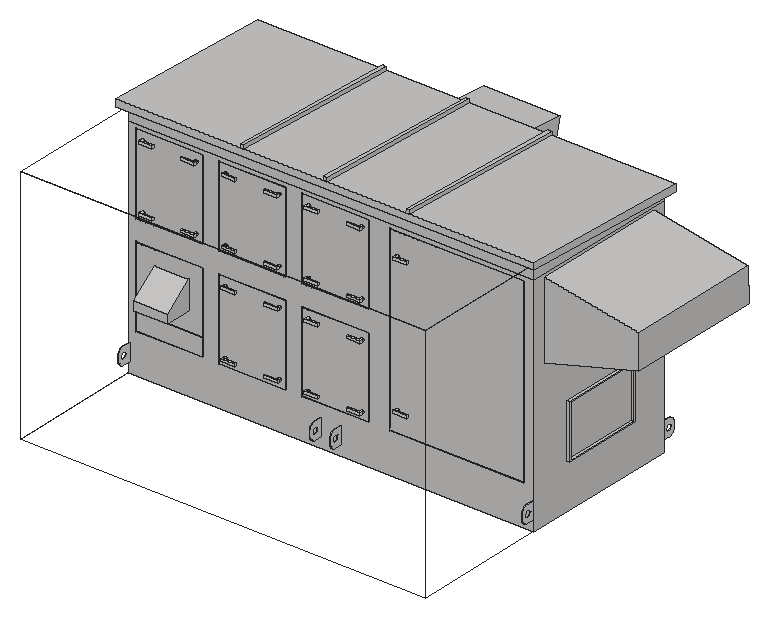
Revit family "DN-2RT-1FP-ECH", category Mechanical Equipment, Revit 2016
Family settings
  Part Type = Normal
  Round Connector Dimension = Use Diameter
  OmniClass Number = 23.75.00.00
  OmniClass Title = Climate Control (HVAC)
  Work Plane-Based = No
  Always vertical = Yes
  Cut with Voids When Loaded = No
  Shared = No
  Room Calculation Point = No
Parameters (values of type "2 @ 1.35 kW ea.")
  Voltage [instance] = "200-277 V"
  Unit Weight Range (lbs) [instance] = "2325-2700 lbs."
  Max. Shipping Weight (lbs) [instance] = "2525-2900 lbs."
  Unit Dimensions (L x W x H) [instance] = "151-5/8\" x 76-3/4\" x 73-1/8\""
  Shipping Dimensions (Lx W x H) [instance] = "140\" x 90\" x 79\""
  Unit [instance] = Renewaire - Galvanized Steel
  URL = "www.renewaire.com"
  Typical Airflow Range = "375-1,650 CFM"
  Standard Features [instance] = "EC Motors for both airstreams, Direct drive backward inclined plenum, Higher ESP of up to 2\" w.g. at 1,500 CFM, Integrated programmable controls, True 100% face and bypass enthalpy based modulating economizer, Class 1 low leakage motorized isolation dampers, Stainless steel double-sloped drain pan with cooling option, 1\" Double wall foam injected 20 gauge galvanized panel construction with R6.5 insulation"
  Service Area Visibility [instance] = yes
  Service Area Box [instance] = Renewaire - Interference
  Revit Object Download Link [instance] = ""
  Phase [instance] = "Single"
  Options [instance] = "DX, heat pump, or chilled water cooling coil, Modulating hot gas reheat, Steam or hot water coil, gas heat module or electric heater, Onboard variable frequency drives (VFDs) - both airstreams, Fused disconnect, Spring isolators (VFDs only), 2\" Double wall foam injected 20 gauge galvanized panel construction with R13 insulation, Exterior paint - grey, white, custom color, Salt spray - 2500 hours, BACNET factory activation, GFCI convenience outlet, Recirculation damper, Drain overflow switch, Mist Eliminator, Electrofin coating for coils"
  Number Motors [instance] = "Qty. 2, Direct drive motorized impeller packages"
  Model = "DN-2RT-1FP-ECH"
  Minimum Circuit Amps [instance] = "15.1 A"
  Maximum Overcurrent Protection [instance] = "20 A"
  Manufacturer = "Renewaire LLC"
  Inlets/Outlets [instance] = "OA & RA Inlets: 24\" x 16\", SA Outlet: 24\" x 16\", EA Outlet: 20\" x 16\""
  Frequency [instance] = "50/60 Hz"
  Filters [instance] = "Total qty. 4, MERV 8: 16\" x 20\" x 2\""
  FLA per Motor [instance] = "6.7-4.8"
  Energy Recovery Type [instance] = "Static plate total energy transfer"
  Description = "Energy Recovery Ventilator"
  Accessories [instance] = "Filters - MERV 13, 2\"  and 4\" (shipped loose), MERV 14, 2\" and 4\" (shipped loose), Additional filters available upon request, Duct mounted electric pre-heater (separately powered), Carbon dioxide sensor/control - wall mount (CO2-W), duct mount (CO2-D), IAQ sensor - wall mount (IAQ-W), duct mount (IAQ-D), Motion occupancy sensor/control - ceiling mount (MC-C), wall mount (MC-W), Smoke detector, Room temperature and humidity sensor, Duct static pressure sensor with display to 10\", without display 0-2\", Room pressure sensor with display to 1\", without display 0-1\", Waterless trap negative pressure, waterless trap positive pressure, Remote display"
  AHRI 1060 Certified Core [instance] = "One L-62-G5 and one L-125-G5"
Types (7): name | Voltage | Phase | Minimum Circuit Amps | Maximum Overcurrent Protection | FLA per Motor
  (no name) | "200-277 V" | "Single" | "15.1 A" | "20 A" | "6.7-4.8"
  2 @ 1.35 kW ea. | "200-277 V" | "Single" | "15.1 A" | "20 A" | "6.7-4.8"
  2 @ 2.70 kW ea. | "200-240 V" | "Three" | "19.4 A" | "25 A" | "8.6-7.2"
  2 @ 3.70 kW ea. | "380-480 V" | "Three" | "13.5 A" | "15 A" | "6.0-4.6"
  2 @ 3HP ea. 208-230V | "208-230 V" | "Three" | "20.3 A" | "25 A" | "9-8.4/4.2"
  2 @ 3HP ea. 460V | "460V" | "Three" | "9.5 A" | "15 A" | "4.2"
  2 @ 3HP ea. 575V | "575V" | "Three" | "7.4 A" | "15 A" | "3.3"
Reference planes (in)
  plane 1 "Center (Front/Back)": y = 0
  plane 2: z = 0
  plane 3 "Center (Left/Right)": x = 0
  plane 4: y = -24
  plane 5: x = -60
Forms (in)
  Extrusion 1, solid, material "Renewaire - Galvanized Steel" <- "Unit"
    sketch origin (0, 0, 0) x (1, 0, 0) y (0, 1, 0)
      loop
        line (-60, 23.99995) -> (-60, -24) -> (60, -24) -> (60, 23.99995) -> (-60, 23.99995)
    from 0 to 66.875
  Extrusion 2, void
    sketch origin (0, 0, 2) x (1, 0, 0) y (0, 0, 1)
      loop
        line (-57.74982, 63.824) -> (-57.74982, 39.82399) -> (-37.74983, 39.82399) -> (-37.74983, 63.824) -> (-57.74982, 63.824)
      loop
        line (-33.22023, 63.824) -> (-33.22023, 39.82399) -> (-13.22023, 39.82399) -> (-13.22023, 63.824) -> (-33.22023, 63.824)
      loop
        line (-8.69064, 63.824) -> (-8.69064, 39.82399) -> (11.30935, 39.82399) -> (11.30935, 63.824) -> (-8.69064, 63.824)
      loop
        line (-57.74982, 33.824) -> (-57.74982, 9.824) -> (-37.74983, 9.824) -> (-37.74983, 33.824) -> (-57.74982, 33.824)
      loop
        line (-33.22023, 33.824) -> (-33.22023, 9.824) -> (-13.22023, 9.824) -> (-13.22023, 33.824) -> (-33.22023, 33.824)
      loop
        line (-8.69064, 33.824) -> (-8.69064, 9.824) -> (11.30935, 9.824) -> (11.30935, 33.824) -> (-8.69064, 33.824)
      loop
        line (17.22532, 63.824) -> (17.22532, 9.824) -> (57.22532, 9.824) -> (57.22532, 63.824) -> (17.22532, 63.824)
    from 23 to 25
  Extrusion 3, void
    sketch origin (0, 0, 0) x (1, 0, 0) y (0, 1, 0)
      loop
        line (-57.99999, 21.99995) -> (-57.99999, -22) -> (57.89381, -22) -> (57.89381, 21.99995) -> (-57.99999, 21.99995)
    from 0 to 8
  Extrusion 4, void
    sketch origin (0, 0, 0) x (1, 0, 0) y (0, 1, 0)
      loop
        line (-53.93058, 17.99994) -> (-53.93058, -6.00006) -> (-37.93058, -6.00006) -> (-37.93058, 17.99994) -> (-53.93058, 17.99994)
      loop
        line (37.89381, 11.99993) -> (37.89381, -12.00007) -> (53.89381, -12.00007) -> (53.89381, 11.99993) -> (37.89381, 11.99993)
    from 7 to 8.125
  Extrusion 5, solid, material "Renewaire - Galvanized Steel" <- "Unit"
    sketch origin (0, 0, 2) x (0, 1, 0) y (0, 0, 1)
      loop
        line (18.60019, 30.89209) -> (-5.39982, 30.89209) -> (-5.39982, 14.89209) -> (18.60019, 14.89209) -> (18.60019, 30.89209)
      loop
        line (18.35019, 30.64209) -> (-5.14982, 30.64209) -> (-5.14982, 15.14209) -> (18.35019, 15.14209) -> (18.35019, 30.64209)
    from -60 to -61
  Extrusion 6, solid, material "Renewaire - Galvanized Steel" <- "Unit"
    sketch origin (0, 0, 2) x (0, 1, 0) y (0, 0, 1)
      loop
        line (-12.00006, 27.784) -> (-12.00006, 11.78399) -> (11.99994, 11.78399) -> (11.99994, 27.784) -> (-12.00006, 27.784)
      loop
        line (-11.75006, 27.534) -> (-11.75006, 12.03399) -> (11.74994, 12.03399) -> (11.74994, 27.534) -> (-11.75006, 27.534)
    from 60 to 61
  Extrusion 7, solid, material "Renewaire - Galvanized Steel" <- "Unit"
    sketch origin (0, 0, 2) x (1, 0, 0) y (0, 0, 1)
      loop
        line (-57.49982, 63.574) -> (-57.49982, 40.07399) -> (-37.99983, 40.07399) -> (-37.99983, 63.574) -> (-57.49982, 63.574)
      loop
        line (17.47532, 63.574) -> (17.47532, 10.324) -> (56.97532, 10.324) -> (56.97532, 63.574) -> (17.47532, 63.574)
      loop
        line (-32.97023, 63.574) -> (-32.97023, 40.07399) -> (-13.47023, 40.07399) -> (-13.47023, 63.574) -> (-32.97023, 63.574)
      loop
        line (-8.44064, 63.574) -> (-8.44064, 40.07399) -> (11.05935, 40.07399) -> (11.05935, 63.574) -> (-8.44064, 63.574)
      loop
        line (-8.44064, 33.574) -> (-8.44064, 10.074) -> (11.05935, 10.074) -> (11.05935, 33.574) -> (-8.44064, 33.574)
      loop
        line (-32.97023, 10.074) -> (-13.47023, 10.074) -> (-13.47023, 33.574) -> (-32.97023, 33.574) -> (-32.97023, 10.074)
      loop
        line (-57.49982, 33.574) -> (-57.49982, 15.324) -> (-37.99983, 15.324) -> (-37.99983, 33.574) -> (-57.49982, 33.574)
      loop
        line (-57.49982, 10.074) -> (-37.99983, 10.074) -> (-37.99983, 15.074) -> (-57.49982, 15.074) -> (-57.49982, 10.074)
    from 23 to 24
  Extrusion 8, solid, material "Renewaire - Interference" <- "Service Area Box", visible <- "Service Area Visibility"
    sketch origin (0, 0, 0) x (1, 0, 0) y (0, 1, 0)
      loop
        line (-60, -24) -> (-60, -64) -> (60, -64) -> (60, -24) -> (-60, -24)
    from 70.98996 to 0
  Extrusion 9, solid, material "Renewaire - Galvanized Steel" <- "Unit"
    sketch origin (0, 0, 0) x (0, 1, 0) y (0, 0, 1)
      loop
        line (23.99995, 65.37584) -> (23.99995, 47.19321) -> (33.39638, 47.19321) -> (43.03161, 56.49784) -> (44.92004, 63.54557) -> (23.99995, 65.37584)
    from 12.5814 to -9.96261
  Extrusion 10, solid, material "Renewaire - Galvanized Steel" <- "Unit"
    sketch origin (0, 0, 0) x (1, 0, 0) y (0, 0, 1)
      loop
        line (60, 66.14512) -> (60, 43.33282) -> (88.06702, 50.94615) -> (88.06702, 61.19615) -> (60, 66.14512)
    from 20.33014 to -20.26562
  Extrusion 11, solid, material "Renewaire - Galvanized Steel" <- "Unit"
    sketch origin (0, 0, 0) x (0, 1, 0) y (0, 0, 1)
      loop
        line (-24, 31.20717) -> (-31.6831, 25.20447) -> (-31.6831, 22.70447) -> (-24, 22.70447) -> (-24, 31.20717)
    from -42.22506 to -52.18929
  Extrusion 12, solid, material "Renewaire - Galvanized Steel" <- "Unit"
    sketch origin (0, 0, 0) x (1, 0, 0) y (0, 0, 1)
      loop
        line (-60, 29.90852) -> (-63.62222, 28.93794) -> (-62.38755, 24.3301) -> (-60, 24.3301) -> (-60, 29.90852)
    from 11.98794 to 7.18094
  Extrusion 13, void
    sketch origin (0, 0, 0) x (1, 0, 0) y (0, 0, 1)
      loop
        line (-13.22023, 11.824) -> (-13.22023, 35.824) -> (-33.22023, 35.824) -> (-33.22023, 11.824) -> (-13.22023, 11.824)
      loop
        line (-13.22023, 65.824) -> (-33.22023, 65.824) -> (-33.22023, 41.82399) -> (-13.22023, 41.82399) -> (-13.22023, 65.824)
    from -23 to -25
  Extrusion 14, solid, material "Renewaire - Galvanized Steel" <- "Unit"
    sketch origin (0, 0, 0) x (1, 0, 0) y (0, 0, 1)
      loop
        line (-13.47023, 35.574) -> (-32.97023, 35.574) -> (-32.97023, 30.574) -> (-13.47023, 30.574) -> (-13.47023, 35.574)
      loop
        line (-13.47023, 30.324) -> (-32.97023, 30.324) -> (-32.97023, 17.324) -> (-13.47023, 17.324) -> (-13.47023, 30.324)
      loop
        line (-13.47023, 17.074) -> (-32.97023, 17.074) -> (-32.97023, 12.074) -> (-13.47023, 12.074) -> (-13.47023, 17.074)
      loop
        line (-13.47023, 65.574) -> (-32.97023, 65.574) -> (-32.97023, 42.07399) -> (-13.47023, 42.07399) -> (-13.47023, 65.574)
    from -23 to -24
  Extrusion 15, solid, material "Renewaire - Galvanized Steel" <- "Unit"
    sketch origin (0, 0, 0) x (0, 1, 0) y (0, 0, 1)
      loop
        line (23.99995, 69.02245) -> (-24, 71.17151) -> (-24, 66.875) -> (23.99995, 66.875) -> (23.99995, 69.02245)
    from 60 to -60
  Extrusion 16, solid, material "Renewaire - Galvanized Steel" <- "Unit"
    sketch origin (0, 0, 0) x (0, 1, 0) y (0, 0, 1)
      loop
        line (26.25341, 70.90076) -> (-26.19982, 73.11627) -> (-26.28422, 71.11805) -> (26.16901, 68.90254) -> (26.25341, 70.90076)
    from 61.85788 to -61.91071
  Extrusion 17, solid, material "Renewaire - Galvanized Steel" <- "Unit"
    sketch origin (0, 0, 0) x (0, 1, 0) y (0, 0, 1)
      loop
        line (26.25341, 70.90076) -> (26.29557, 71.89898) -> (-26.15766, 74.11449) -> (-26.19982, 73.11627) -> (26.25341, 70.90076)
    from 0.5 to -0.5
  Extrusion 18, solid, material "Renewaire - Galvanized Steel" <- "Unit"
    sketch origin (0, 0, 0) x (0, 1, 0) y (0, 0, 1)
      loop
        line (26.25341, 70.90076) -> (26.29557, 71.89898) -> (-26.15766, 74.11449) -> (-26.19982, 73.11627) -> (26.25341, 70.90076)
    from -24 to -25
  Extrusion 19, solid, material "Renewaire - Galvanized Steel" <- "Unit"
    sketch origin (0, 0, 0) x (0, 1, 0) y (0, 0, 1)
      loop
        line (26.25341, 70.90076) -> (26.29557, 71.89898) -> (-26.15766, 74.11449) -> (-26.19982, 73.11627) -> (26.25341, 70.90076)
    from 24 to 25
Cuts and joins
  Extrusion 2, Extrusion 3, Extrusion 4, Extrusion 13 cuts Extrusion 1
Dimensions and locks (in)
  aligned and locked: level to plane 2
  aligned and locked: cut or joined group of Extrusion 1, Extrusion 2, Extrusion 3, Extrusion 4, Extrusion 13 to nested 1
  aligned and locked: cut or joined group of Extrusion 1, Extrusion 2, Extrusion 3, Extrusion 4, Extrusion 13 to nested 2
  aligned and locked: Extrusion 7 sketch curve to Extrusion 7 sketch curve
  aligned and locked: Extrusion 8 to Extrusion 15
Nested families (in)
  nested 1: "Handle" at (-39.87483, -24, 63.25), type "Handle"
    with Right Handle no, Left Handle yes, Flip yes
  nested 2: "Lifting Lug" at (-59.68998, -24, 3.03309) x (0, -1, 0) z (0, 0, 1), Material <- "Unit", type "Lifting Lug"
    with Material Renewaire - Galvanized Steel
  nested 3: "Lifting Lug" at (3, -24, 3.03309) x (0, -1, 0) z (0, 0, 1), Material <- "Unit", type "Lifting Lug"
    with Material Renewaire - Galvanized Steel
  nested 4: "Lifting Lug" at (59.88692, -24, 3.03309) x (0, -1, 0) z (0, 0, 1), Material <- "Unit", type "Lifting Lug"
    with Material Renewaire - Galvanized Steel
  nested 5: "Handle" at (-39.87483, -24, 44.11337), type "Handle"
    with Right Handle no, Left Handle yes, Flip yes
  nested 6: "Handle" at (-55.62482, -24, 63.25) x (-1, 0, 0) z (0, 0, 1), type "Handle"
    with Right Handle no, Left Handle yes, Flip yes
  nested 7: "Handle" at (-55.62482, -24, 44.11337) x (-1, 0, 0) z (0, 0, 1), type "Handle"
    with Right Handle no, Left Handle yes, Flip yes
  nested 8: "Handle" at (-15.28433, 24, 27.5), type "Handle"
    with Right Handle no, Left Handle yes, Flip yes
  nested 9: "Handle" at (-15.28433, 24, 19.86338), type "Handle"
    with Right Handle no, Left Handle yes, Flip yes
  nested 10: "Handle" at (-31.15613, 24, 27.5) x (-1, 0, 0) z (0, 0, 1), type "Handle"
    with Right Handle no, Left Handle yes, Flip yes
  nested 11: "Handle" at (-31.15613, 24, 19.86338) x (-1, 0, 0) z (0, 0, 1), type "Handle"
    with Right Handle no, Left Handle yes, Flip yes
  nested 12: "Handle" at (-15.28433, -24, 33.25), type "Handle"
    with Right Handle no, Left Handle yes, Flip yes
  nested 13: "Handle" at (-15.28433, -24, 14.11338), type "Handle"
    with Right Handle no, Left Handle yes, Flip yes
  nested 14: "Handle" at (-31.15613, -24, 33.25) x (-1, 0, 0) z (0, 0, 1), type "Handle"
    with Right Handle no, Left Handle yes, Flip yes
  nested 15: "Handle" at (-31.15613, -24, 14.11338) x (-1, 0, 0) z (0, 0, 1), type "Handle"
    with Right Handle no, Left Handle yes, Flip yes
  nested 16: "Handle" at (-15.34523, 24, 63.25), type "Handle"
    with Right Handle no, Left Handle yes, Flip yes
  nested 17: "Handle" at (-15.34523, 24, 44.11337), type "Handle"
    with Right Handle no, Left Handle yes, Flip yes
  nested 18: "Handle" at (-31.15613, 24, 63.25) x (-1, 0, 0) z (0, 0, 1), type "Handle"
    with Right Handle no, Left Handle yes, Flip yes
  nested 19: "Handle" at (-31.15613, 24, 44.11337) x (-1, 0, 0) z (0, 0, 1), type "Handle"
    with Right Handle no, Left Handle yes, Flip yes
  nested 20: "Handle" at (-15.28433, 24, 33.25), type "Handle"
    with Right Handle no, Left Handle yes, Flip yes
  nested 21: "Handle" at (-15.28433, 24, 14.11338), type "Handle"
    with Right Handle no, Left Handle yes, Flip yes
  nested 22: "Handle" at (-31.15613, 24, 33.25) x (-1, 0, 0) z (0, 0, 1), type "Handle"
    with Right Handle no, Left Handle yes, Flip yes
  nested 23: "Handle" at (-31.15613, 24, 14.11338) x (-1, 0, 0) z (0, 0, 1), type "Handle"
    with Right Handle no, Left Handle yes, Flip yes
  nested 24: "Lifting Lug" at (-59.68998, 24, 3.03309) x (0, 1, 0) z (0, 0, 1), Material <- "Unit", type "Lifting Lug"
    with Material Renewaire - Galvanized Steel
  nested 25: "Lifting Lug" at (3, 24, 3.03309) x (0, 1, 0) z (0, 0, 1), Material <- "Unit", type "Lifting Lug"
    with Material Renewaire - Galvanized Steel
  nested 26: "Lifting Lug" at (59.88692, 24, 3.03309) x (0, 1, 0) z (0, 0, 1), Material <- "Unit", type "Lifting Lug"
    with Material Renewaire - Galvanized Steel
  nested 27: "Lifting Lug" at (-3, -24, 3.03309) x (0, -1, 0) z (0, 0, 1), Material <- "Unit", type "Lifting Lug"
    with Material Renewaire - Galvanized Steel
  nested 28: "Lifting Lug" at (-3, 24, 3.03309) x (0, 1, 0) z (0, 0, 1), Material <- "Unit", type "Lifting Lug"
    with Material Renewaire - Galvanized Steel
  nested 29: "Handle" at (-15.34523, -24, 63.25), type "Handle"
    with Right Handle no, Left Handle yes, Flip yes
  nested 30: "Handle" at (-15.34523, -24, 44.11337), type "Handle"
    with Right Handle no, Left Handle yes, Flip yes
  nested 31: "Handle" at (-31.09523, -24, 63.25) x (-1, 0, 0) z (0, 0, 1), type "Handle"
    with Right Handle no, Left Handle yes, Flip yes
  nested 32: "Handle" at (-31.09523, -24, 44.11337) x (-1, 0, 0) z (0, 0, 1), type "Handle"
    with Right Handle no, Left Handle yes, Flip yes
  nested 33: "Handle" at (9.18435, -24, 63.25), type "Handle"
    with Right Handle no, Left Handle yes, Flip yes
  nested 34: "Handle" at (9.18435, -24, 44.11337), type "Handle"
    with Right Handle no, Left Handle yes, Flip yes
  nested 35: "Handle" at (-6.56564, -24, 63.25) x (-1, 0, 0) z (0, 0, 1), type "Handle"
    with Right Handle no, Left Handle yes, Flip yes
  nested 36: "Handle" at (-6.56564, -24, 44.11337) x (-1, 0, 0) z (0, 0, 1), type "Handle"
    with Right Handle no, Left Handle yes, Flip yes
  nested 37: "Handle" at (9.18435, -24, 33.25), type "Handle"
    with Right Handle no, Left Handle yes, Flip yes
  nested 38: "Handle" at (9.18435, -24, 14.11338), type "Handle"
    with Right Handle no, Left Handle yes, Flip yes
  nested 39: "Handle" at (-6.56564, -24, 33.25) x (-1, 0, 0) z (0, 0, 1), type "Handle"
    with Right Handle no, Left Handle yes, Flip yes
  nested 40: "Handle" at (-6.56564, -24, 14.11338) x (-1, 0, 0) z (0, 0, 1), type "Handle"
    with Right Handle no, Left Handle yes, Flip yes
  nested 41: "Handle" at (19.76858, -24, 59.0118) x (-1, 0, 0) z (0, 0, 1), type "Handle"
    with Right Handle no, Left Handle yes, Flip yes
  nested 42: "Handle" at (19.76858, -24, 18.2618) x (-1, 0, 0) z (0, 0, 1), type "Handle"
    with Right Handle no, Left Handle yes, Flip yes
Connectors (in)
  hvac at (61, -0.00006, 21.784)
    settings: on Extrusion 6, index 2, duct flow 0 CFM, flow factor 0, pres drop 0.00 in-wg, loss coef 0, conn angle 0.00°, conn width 24", conn height 16", conn diameter 24", duct sys type 2, conn prof type 1, flow config 0, flow direction 1, loss method 0, conn ref index -1, conn util no, is conn primary yes, conn desc "Return Air (RA)"
  hvac at (-61, 6.60018, 24.89209)
    settings: on Extrusion 5, index 6, duct flow 0 CFM, flow factor 0, pres drop 0.00 in-wg, loss coef 0, conn angle 0.00°, conn width 24", conn height 16", conn diameter 24", duct sys type 1, conn prof type 1, flow config 0, flow direction 2, loss method 0, conn ref index -1, conn util no, is conn primary no, conn desc "Supply Air (SA)"
  hvac at (-45.93058, 5.99994, 8.125)
    settings: on cut or joined group of Extrusion 1, Extrusion 2, Extrusion 3, Extrusion 4, Extrusion 13, index 7, duct flow 0 CFM, flow factor 0, pres drop 0.00 in-wg, loss coef 0, conn angle 0.00°, conn width 24", conn height 16", conn diameter 24", duct sys type 1, conn prof type 1, flow config 0, flow direction 2, loss method 0, conn ref index -1, conn util no, is conn primary no, conn desc "Supply Air (SA)"
  hvac at (45.89381, -0.00007, 8.125)
    settings: on cut or joined group of Extrusion 1, Extrusion 2, Extrusion 3, Extrusion 4, Extrusion 13, index 8, duct flow 0 CFM, flow factor 0, pres drop 0.00 in-wg, loss coef 0, conn angle 0.00°, conn width 24", conn height 16", conn diameter 24", duct sys type 2, conn prof type 1, flow config 0, flow direction 1, loss method 0, conn ref index -1, conn util no, is conn primary no, conn desc "Return Air (RA)"
Definition of nested family "Handle"
  Parameters (values of type "Handle")
    Right Handle [instance] = not(Flip)  # no
    Material = none
    Left Handle [instance] = Flip  # yes
    Flip [instance] = yes
  Reference planes (in)
    plane 1 "Center (Front/Back)": y = 0
    plane 2: z = 0
    plane 3 "Center (Left/Right)": x = 0
  Forms (in)
    Extrusion 1, solid, material <- "Material"
      sketch origin (0, 0, 0) x (1, 0, 0) y (0, 0, 1)
        loop
          circle (0, 0) r 0.375
      from 0 to 0.75
    Extrusion 2, solid, material <- "Material", visible <- "Right Handle"
      sketch origin (0, 0, 0) x (1, 0, 0) y (0, 1, 0)
        loop
          line (-0.375, -0.75) -> (-0.375, -1.25) -> (3.625, -1.25) -> (3.625, -0.75) -> (-0.375, -0.75)
      from -0.375 to 0.375
    Extrusion 3, solid, material <- "Material", visible <- "Left Handle"
      sketch origin (-3.25, 0, 0) x (1, 0, 0) y (0, 1, 0)
        loop
          line (-0.375, -0.75) -> (-0.375, -1.25) -> (3.625, -1.25) -> (3.625, -0.75) -> (-0.375, -0.75)
      from -0.375 to 0.375
  Dimensions and locks (in)
    aligned and locked: plane 2 to level
Definition of nested family "Lifting Lug"
  Parameters (values of type "Lifting Lug")
    Material [instance] = none
  Reference planes (in)
    plane 1 "Center (Front/Back)": y = 0
    plane 2: z = 0
    plane 3 "Center (Left/Right)": x = 0
  Forms (in)
    Extrusion 1, solid
      sketch origin (0, 0, 0) x (1, 0, 0) y (0, 0, 1)
        loop
          line (0, 0.1875) -> (2, 0.1875)
          arc (2, 0.1875) -> (3.41421, 0.77329) -> (4, 2.1875) r 2
          line (4, 2.1875) -> (4, 3.1875)
          arc (4, 3.1875) -> (3.41421, 4.60171) -> (2, 5.1875) r 2
          line (2, 5.1875) -> (0, 5.1875) -> (0, 0.1875)
        loop
          circle (2.125, 2.6875) r 1
      from 0 to 0.25
  Dimensions and locks (in)
    aligned and locked: plane 2 to level
